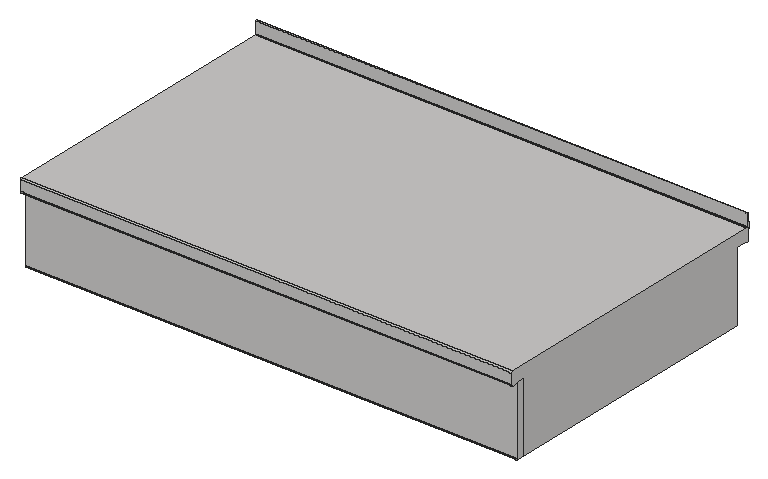
Revit family "QF_ELECTROLUXPROFESSIONAL_589173_MCNABBLOOO", category Specialty Equipment, Revit 2018
Family settings
  Round Connector Dimension = Use Diameter
  Part Type = Normal
  Work Plane-Based = No
  Always vertical = Yes
  Cut with Voids When Loaded = No
  Shared = No
  Room Calculation Point = No
Parameters
  Weight in Pounds = 99.2
  URL Cutsheet = "www.electrolux.com/professional"
  URL = "www.electrolux.com/professional"
  Type Mark [instance] = ""
  Status [instance] = ""
  Specification by User [instance] = ""
  Specification by Manufacturer = ""
  Serial Number = ""
  Seismic Rating = ""
  SMACNA No = ""
  Revision Code [instance] = ""
  Omniclass Number and Title = ""
  NAFEM Spec ID Number = ""
  Model = "589173"
  Masterspec = ""
  Manufacturer = "ELECTROLUX"
  Item Number [instance] = ""
  Installed By [instance] = ""
  Identify Quantity as Lot [instance] = yes
  Furnished By [instance] = ""
  Foodservice Equipment Identifier [instance] = yes
  Direct Waste Size = 0"
  Description = "WORK TOP,CLOSED,1S,BACKSPL,1500X900X250H"
  CSI MasterFormat = ""
  CSI Master Format = ""
Reference planes
  plane 1 "BACK": y = 0
  plane 2: z = 0
  plane 3 "LEFT": x = 0
  plane 4 "RIGHT": x = 1500
  plane 5 "FRONT": y = -900
  plane 6 "TOP": z = 250
  plane 7 "Center Y": x = 750
  plane 8 "Center X": y = -450
  plane 9: z = 288
Forms (mm)
  Extrusion 1, solid, material "QF_Finishes_Stainless Steel"
    sketch origin (0, 50.048, 0) x (0, 1, 0) y (0, 0, 1)
      loop
        line (-95.048, 213) -> (-71.412, 213) -> (-54.743, 210.061)
        arc (-54.743, 210.061) -> (-51.477, 210.936) -> (-50.048, 214) r 4
        line (-50.048, 214) -> (-50.048, 246)
        arc (-50.048, 246) -> (-51.22, 248.828) -> (-54.048, 250) r 4
        line (-54.048, 250) -> (-946.048, 250)
        arc (-946.048, 250) -> (-948.877, 248.828) -> (-950.048, 246) r 4
        line (-950.048, 246) -> (-950.048, 214)
        arc (-950.048, 214) -> (-948.619, 210.936) -> (-945.353, 210.061) r 4
        line (-945.353, 210.061) -> (-928.509, 213) -> (-905.048, 213) -> (-905.048, 0) -> (-95.048, 0) -> (-95.048, 213)
    from 0 to 1500
  Extrusion 2, solid, material "QF_Finishes_Stainless Steel"
    sketch origin (0, 50.048, 0) x (0, 1, 0) y (0, 0, 1)
      loop
        arc (-928.048, 213) -> (-929.462, 212.414) -> (-930.048, 211) r 2
        line (-930.048, 211) -> (-930.048, 2)
        arc (-930.048, 2) -> (-929.462, 0.586) -> (-928.048, 0) r 2
        line (-928.048, 0) -> (-905.048, 0) -> (-905.048, 213) -> (-928.048, 213)
    from 0 to 1500
  Extrusion 3, solid, material "QF_Finishes_Stainless Steel"
    sketch origin (0, -950.048, 0) x (0, -1, 0) y (0, 0, -1)
      loop
        arc (-948.097, -252.006) -> (-947.511, -250.592) -> (-946.097, -250.006) r 2
        arc (-946.097, -250.006) -> (-948.877, -248.828) -> (-950.048, -246) r 4
        line (-950.048, -246) -> (-950.048, -288.006) -> (-948.097, -288.006) -> (-948.097, -252.006)
    from 0 to 1500
Lines and regions (mm)
  symbolic lines
    curve 1: line (0, 0, 0) -> (1500, 0, 0)
    curve 2: line (0, -900, 0) -> (0, 0, 0)
    curve 3: line (1500, -900, 0) -> (0, -900, 0)
    curve 4: line (1500, 0, 0) -> (1500, -900, 0)
    curve 5: line (0, -1.951, 0) -> (1500, -1.951, 0)
Dimensions and locks
  equal spacing: plane 3 "LEFT", plane 7 "Center Y", plane 4 "RIGHT"
  plane 3 "LEFT" to plane 4 "RIGHT" = 1500.00 mm
  equal spacing: plane 5 "FRONT", plane 8 "Center X", plane 1 "BACK"
  plane 5 "FRONT" to plane 1 "BACK" = 900.00 mm
  plane 6 "TOP" to level = 250.00 mm
  plane 9 to level = 288.00 mm
  plane 9 to plane 6 "TOP" = 38.00 mm
  aligned and locked: level to plane 2
  aligned and locked: Extrusion 1 to plane 4 "RIGHT"
  aligned and locked: Extrusion 2 to plane 4 "RIGHT"
  aligned and locked: Extrusion 3 to plane 4 "RIGHT"
Automatic sketch dimensions
  Extrusion 1 sketch curve to plane 5 "FRONT" = 0.00 mm
  Extrusion 1 sketch curve to plane 6 "TOP" = 0.00 mm
  Extrusion 1 sketch curve to level = 0.00 mm
  Extrusion 1 sketch curve to plane 1 "BACK" = 0.00 mm
  Extrusion 1 sketch curve to plane 5 "FRONT" = 4.695 mm
  Extrusion 1 sketch curve to plane 6 "TOP" = 39.939 mm
  Extrusion 1 sketch curve to plane 5 "FRONT" = 4.00 mm  (x2)
  Extrusion 1 sketch curve to Extrusion 1 sketch curve = 16.844 mm
  Extrusion 1 sketch curve to plane 5 "FRONT" = 45.00 mm
  plane 1 "BACK" to Extrusion 1 sketch curve = 45.00 mm
  plane 1 "BACK" to Extrusion 1 sketch curve = 21.364 mm
  plane 1 "BACK" to Extrusion 1 sketch curve = 4.00 mm
  plane 1 "BACK" to Extrusion 1 sketch curve = 4.695 mm
  Extrusion 1 sketch curve to Extrusion 1 sketch curve = 0.00 mm  (x2)
  Extrusion 1 sketch curve to Extrusion 1 sketch curve = 4.00 mm
  Extrusion 1 sketch curve to plane 6 "TOP" = 37.00 mm  (x2)
  Extrusion 1 sketch curve to Extrusion 1 sketch curve = 1.00 mm
  Extrusion 2 sketch curve to level = 0.00 mm
  Extrusion 2 sketch curve to plane 5 "FRONT" = 20.00 mm
  level to Extrusion 2 sketch curve = 2.00 mm
  Extrusion 2 sketch curve to Extrusion 2 sketch curve = 2.00 mm
  Extrusion 2 sketch curve to Extrusion 2 sketch curve = 23.00 mm
  Extrusion 2 sketch curve to plane 6 "TOP" = 39.00 mm
  Extrusion 3 sketch curve to plane 1 "BACK" = 0.00 mm  (x2)
  Extrusion 3 sketch curve to plane 6 "TOP" = 2.006 mm
  Extrusion 3 sketch curve to plane 6 "TOP" = 0.00 mm
  Extrusion 3 sketch curve to plane 9 = 0.006 mm
  Extrusion 3 sketch curve to Extrusion 3 sketch curve = 1.951 mm
  Extrusion 3 sketch curve to Extrusion 3 sketch curve = 2.00 mm
  Extrusion 3 sketch curve to Extrusion 3 sketch curve = 0.049 mm
  Extrusion 3 sketch curve to Extrusion 3 sketch curve = 0.00 mm
  plane 1 "BACK" to curve 1 = 0.00 mm
  curve 1 to plane 3 "LEFT" = 0.00 mm
  curve 1 to plane 4 "RIGHT" = 0.00 mm
  plane 5 "FRONT" to curve 4 = 0.00 mm
  curve 5 to curve 1 = 1.951 mm
